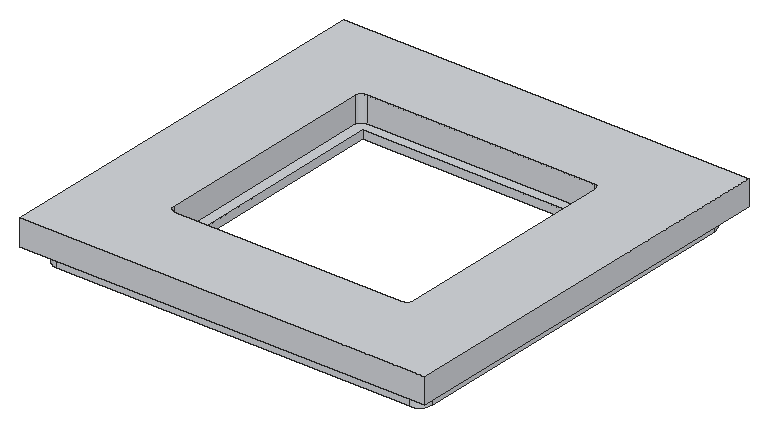
Revit family "Gira_021117", category Electrical Fixtures, host Face, Revit 2017
Family settings
  Host = Face
  Maintain Annotation Orientation = No
  Round Connector Dimension = Use Diameter
  Part Type = Normal
  Cut with Voids When Loaded = No
  Shared = No
  Room Calculation Point = No
Parameters (values of type "Cov.fr. 1-g Gira Esprit alum.")
  With mounting grid = "No"
  With hinged lid = "No"
  URL = "http://katalog.gira.de/en/datenblatt.html?artikelnr=021117"
  Type of fastening = "Clamp mounting"
  Transparent = "No"
  Surface protection = "Other"
  Suitable for wall duct = "No"
  Suitable for flush-mounted installation = "Yes"
  Suitable for floor box = "No"
  Suitable for built-in installation = "No"
  Number of units vertical = "1"
  Number of units horizontal = "1"
  Number of units = "1"
  Name = "Cov.fr. 1-g Gira Esprit alum."
  Mounting direction = "Horizontal and vertical"
  Material quality = "Aluminium"
  Material = "Metal"
  Manufacturer URL = "https://www.gira.de/"
  Manufacturer = "Gira"
  Label space/information surface = "No"
  Keynote = ""
  HeinzeBIM = "https://bimportal.heinze.de/bim/cov-fr-1-g-gira-esprit-alum-/5a6ab8be7cbcaa7bda4e5f5311df11a536c4eb53"
  Halogen free = "No"
  HAN = "021117"
  GTIN = "4010337211174"
  Description = "Cov.fr.1g Espr. AL,Gira Esprit cover frame,Aluminium,1-gang,Features:,- Anodised aluminium E 1 EV 1."
  Degree of protection (IP) = "IP20"
  Default Elevation = 1219.2 mm
  Data sheet (1) = "https://katalog.gira.de/en/download.html?artikelnr=021117"
  Colour = "Aluminium"
  Category = "Cover frame for domestic switching devices"
  BIM (1) = "https://media.stage.bim.site/public/gira/36a6b08/Espr._Rahmen_1fach.rfa"
  Available = "No"
Reference planes
  plane 1 "Center (Front/Back)": y = 0
  plane 2: z = 0
  plane 3 "Center (Left/Right)": x = 0
Forms (mm)
  Extrusion 1, solid, detail levels fine
    sketch origin (0, 0, 0) x (1, 0, 0) y (0, 1, 0)
      loop
        line (-47.5, 47.5) -> (-47.5, -47.5) -> (47.5, -47.5) -> (47.5, 47.5) -> (-47.5, 47.5)
      loop
        arc (-28.2, -26.7) -> (-27.761, -27.761) -> (-26.7, -28.2) r 1.5
        line (-26.7, -28.2) -> (26.7, -28.2)
        arc (26.7, -28.2) -> (27.761, -27.761) -> (28.2, -26.7) r 1.5
        line (28.2, -26.7) -> (28.2, 26.7)
        arc (28.2, 26.7) -> (27.761, 27.761) -> (26.7, 28.2) r 1.5
        line (26.7, 28.2) -> (-26.7, 28.2)
        arc (-26.7, 28.2) -> (-27.761, 27.761) -> (-28.2, 26.7) r 1.5
        line (-28.2, 26.7) -> (-28.2, -26.7)
    from 0 to 6
  Extrusion 2, solid, detail levels fine
    sketch origin (0, 0, 0) x (1, 0, 0) y (0, 1, 0)
      loop
        line (-25.7, -25.7) -> (25.7, -25.7) -> (25.7, 25.7) -> (-25.7, 25.7) -> (-25.7, -25.7)
      loop
        arc (-43.1, -41.3) -> (-42.573, -42.573) -> (-41.3, -43.1) r 1.8
        line (-41.3, -43.1) -> (41.3, -43.1)
        arc (41.3, -43.1) -> (42.573, -42.573) -> (43.1, -41.3) r 1.8
        line (43.1, -41.3) -> (43.1, 41.3)
        arc (43.1, 41.3) -> (42.573, 42.573) -> (41.3, 43.1) r 1.8
        line (41.3, 43.1) -> (-41.3, 43.1)
        arc (-41.3, 43.1) -> (-42.573, 42.573) -> (-43.1, 41.3) r 1.8
        line (-43.1, 41.3) -> (-43.1, -41.3)
    from -1.9 to 0
  Extrusion 3, solid, detail levels fine
    sketch origin (0, 0, 0) x (1, 0, 0) y (0, 1, 0)
      loop
        arc (-41.4, 44.4) -> (-43.521, 43.521) -> (-44.4, 41.4) r 3
        line (-44.4, 41.4) -> (-44.4, -41.4)
        arc (-44.4, -41.4) -> (-43.521, -43.521) -> (-41.4, -44.4) r 3
        line (-41.4, -44.4) -> (41.4, -44.4)
        arc (41.4, -44.4) -> (43.521, -43.521) -> (44.4, -41.4) r 3
        line (44.4, -41.4) -> (44.4, 41.4)
        arc (44.4, 41.4) -> (43.521, 43.521) -> (41.4, 44.4) r 3
        line (41.4, 44.4) -> (-41.4, 44.4)
      loop
        line (-43.1, 41.3) -> (-43.1, -41.3)
        arc (-43.1, -41.3) -> (-42.573, -42.573) -> (-41.3, -43.1) r 1.8
        line (-41.3, -43.1) -> (41.3, -43.1)
        arc (41.3, -43.1) -> (42.573, -42.573) -> (43.1, -41.3) r 1.8
        line (43.1, -41.3) -> (43.1, 41.3)
        arc (43.1, 41.3) -> (42.573, 42.573) -> (41.3, 43.1) r 1.8
        line (41.3, 43.1) -> (-41.3, 43.1)
        arc (-41.3, 43.1) -> (-42.573, 42.573) -> (-43.1, 41.3) r 1.8
    from -3.7 to 0
  Extrusion 4, solid, detail levels medium
    sketch origin (0, 0, 0) x (1, 0, 0) y (0, 1, 0)
      loop
        line (-47.5, 47.5) -> (-47.5, -47.5) -> (47.5, -47.5) -> (47.5, 47.5) -> (-47.5, 47.5)
    from 0 to 6
  Extrusion 5, solid, detail levels medium
    sketch origin (0, 0, 0) x (1, 0, 0) y (0, 1, 0)
      loop
        line (-44.4, 44.4) -> (-44.4, -44.4) -> (44.4, -44.4) -> (44.4, 44.4) -> (-44.4, 44.4)
    from -3.7 to 0
  Extrusion 6, solid, detail levels coarse
    sketch origin (0, 0, 0) x (1, 0, 0) y (0, 1, 0)
      loop
        line (-47.5, 47.5) -> (-47.5, -47.5) -> (47.5, -47.5) -> (47.5, 47.5) -> (-47.5, 47.5)
    from -3.7 to 6
Dimensions and locks
  aligned and locked: plane 2 to host face
  aligned and locked: level to host face
